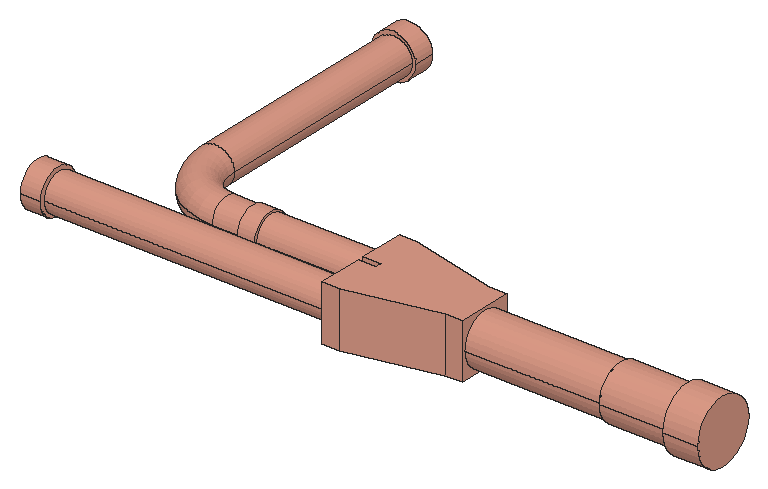
Revit family "outputfile", category 配管付属品, Revit 2024 (continued)
Definition of nested family "daikin_Multi Module kit_Reducer Offset3"
  Forms (mm)
    Extrusion 5, solid, material <- "material", visible <- "display_Pipe4"
      sketch origin (-161.334, 300.679, 0) x (0, 1, 0) y (0, 0, 1)
        loop
          circle (-335.679, 0) r 10.55
      from -190.166 to -178.666
  Dimensions and locks
    locked: plane 4 to plane 1 "Center (Front/Back)" at 35
    locked: plane 6 to plane 5 at 46
    locked: plane 7 to plane 6 at 24
    locked: plane 8 to plane 7 at 30
    locked: plane 9 to plane 8 at 11.5
    locked: plane 5 to plane 3 "Center (Left/Right)" at 240
    locked: plane 10 to plane 3 "Center (Left/Right)" at 310
    locked: plane 10 to plane 11 at 177
    locked: plane 12 to plane 3 "Center (Left/Right)" at 50
    "O.D_Pipe1": diameter of Extrusion 1 sketch curve
    "O.D_Pipe0": diameter of Sweep 2 sketch curve
    "O.D_Pipe2": diameter of Extrusion 3 sketch curve
    "O.D_Pipe3": diameter of Extrusion 4 sketch curve
    "O.D_Pipe4": diameter of Extrusion 5 sketch curve
    aligned and locked: level to plane 2
    aligned and locked: plane 2 to Sweep 2 sketch curve
    aligned and locked: plane 1 "Center (Front/Back)" to Sweep 2 sketch curve
    aligned and locked: plane 5 to Extrusion 1
    aligned and locked: Extrusion 1 to plane 6
    aligned and locked: plane 4 to Extrusion 5 sketch curve
    aligned and locked: plane 2 to Extrusion 5 sketch curve
    aligned and locked: plane 4 to Extrusion 1 sketch curve
    aligned and locked: plane 2 to Extrusion 1 sketch curve
    aligned and locked: plane 4 to Extrusion 3 sketch curve
    aligned and locked: plane 2 to Extrusion 3 sketch curve
    aligned and locked: plane 4 to Extrusion 4 sketch curve
    aligned and locked: plane 2 to Extrusion 4 sketch curve
    aligned and locked: plane 6 to Extrusion 3
    aligned and locked: Extrusion 3 to plane 7
    aligned and locked: plane 7 to Extrusion 4
    aligned and locked: Extrusion 4 to plane 8
    aligned and locked: plane 8 to Extrusion 5
    aligned and locked: Extrusion 5 to plane 9
    aligned and locked: plane 5 to Sweep 2 sketch curve
    aligned and locked: plane 3 "Center (Left/Right)" to Sweep 2 sketch curve
    aligned and locked: plane 4 to Sweep 2 sketch curve
    aligned and locked: plane 11 to Sweep 2 sketch curve
    aligned and locked: plane 12 to Sweep 2 sketch curve
  Automatic sketch dimensions
    plane 1 "Center (Front/Back)" to Sweep 2 sketch curve = 0.0 mm
    plane 1 "Center (Front/Back)" to Sweep 2 sketch curve = 5.188 mm
    Sweep 2 sketch curve to plane 1 "Center (Front/Back)" = 5.0 mm
Definition of nested family "daikin_MultiModeluKit_Insulation"
  Parameters (values of type "*")
    Default Elevation = 0.0 mm
    Model = ""
    material = none
    h [instance] = (I.D_Outlet PipeSize + 2.0 mm) + 30.0 mm  # 47.0 mm
    display [instance] = yes
    I.D_Outlet PipeSize [instance] = 15.0 mm
  Reference planes
    plane 1 "Center (Front/Back)": y = 0
    plane 2: z = 0
    plane 3 "Left": x = 0
    plane 4 "top": z = 23.5
    plane 5 "bottom": z = -23.5
    plane 6: x = 50
    plane 7: y = 31
    plane 8: y = -31
    plane 9: x = 40
    plane 10: x = -12
    plane 11: y = 34
    plane 12: y = -34
    plane 13: x = -73
    plane 14: y = 46
    plane 15: y = -46
    plane 16: x = -156
    plane 17: x = -271
    plane 18: y = 10
  Forms (mm)
    Extrusion 1, solid, material <- "material", visible <- "display"
      sketch origin (0, 0, 0) x (1, 0, 0) y (0, 1, 0)
        loop
          line (50, -31) -> (50, 31) -> (40, 31) -> (0, 34) -> (-12, 34) -> (-73, 46) -> (-156, 46) -> (-156, 10) -> (-271, 10) -> (-271, -46) -> (-73, -46) -> (-12, -34) -> (0, -34) -> (40, -31) -> (50, -31)
      from -23.5 to 23.5
  Dimensions and locks
    equal spacing: plane 4 "top", plane 2, plane 5 "bottom"
    "h": plane 4 "top" to plane 5 "bottom"
    locked: plane 3 "Left" to plane 6 at 50
    plane 7 to plane 1 "Center (Front/Back)" = 31.0 mm
    plane 8 to plane 1 "Center (Front/Back)" = 31.0 mm
    plane 3 "Left" to plane 9 = 40.0 mm
    plane 10 to plane 3 "Left" = 12.0 mm
    plane 11 to plane 1 "Center (Front/Back)" = 34.0 mm
    plane 12 to plane 1 "Center (Front/Back)" = 34.0 mm
    plane 13 to plane 3 "Left" = 73.0 mm
    plane 14 to plane 1 "Center (Front/Back)" = 46.0 mm
    plane 15 to plane 1 "Center (Front/Back)" = 46.0 mm
    plane 16 to plane 3 "Left" = 156.0 mm
    plane 17 to plane 3 "Left" = 271.0 mm
    plane 1 "Center (Front/Back)" to plane 18 = 10.0 mm
    aligned and locked: level to plane 2
    aligned and locked: Extrusion 1 to plane 5 "bottom"
    aligned and locked: plane 4 "top" to Extrusion 1
    aligned and locked: plane 7 to Extrusion 1 sketch curve
    aligned and locked: plane 8 to Extrusion 1 sketch curve
    aligned and locked: plane 9 to Extrusion 1 sketch curve  (x2)
    aligned and locked: plane 6 to Extrusion 1 sketch curve  (x2)
    aligned and locked: plane 3 "Left" to Extrusion 1 sketch curve  (x2)
    aligned and locked: plane 10 to Extrusion 1 sketch curve  (x2)
    aligned and locked: Extrusion 1 sketch curve to plane 12
    aligned and locked: Extrusion 1 sketch curve to plane 11
    aligned and locked: plane 16 to Extrusion 1 sketch curve  (x2)
    aligned and locked: plane 13 to Extrusion 1 sketch curve  (x2)
    aligned and locked: plane 14 to Extrusion 1 sketch curve  (x2)
    aligned and locked: plane 15 to Extrusion 1 sketch curve  (x2)
    aligned and locked: plane 17 to Extrusion 1 sketch curve  (x2)
    aligned and locked: plane 18 to Extrusion 1 sketch curve  (x2)
Definition of nested family "daikin_Pipe_reducer"
  Parameters (values of type "*")
    Default Elevation = 0.0 mm
    material = none
    length_Pipe [instance] = 250.0 mm
    display [instance] = yes
    O.D_Pipe2 [instance] = 19.1 mm
    O.D_Pipe1 [instance] = I.D_Pipe1 + 2.0 mm  # 24.2 mm
    I.D_Pipe2 [instance] = O.D_Pipe2 - 2.0 mm  # 17.1 mm
    I.D_Pipe1 [instance] = 22.2 mm
  Reference planes
    plane 1 "Center (Front/Back)": y = 0
    plane 2 "center(vertical)": z = 0
    plane 3 "Center (Left/Right)": x = 0
    plane 4 "connection": x = -125
    plane 5 "right": x = 113
    plane 6: x = 125
  Forms (mm)
    Extrusion 1, solid, material <- "material", visible <- "display"
      sketch origin (0, 0, 0) x (0, 1, 0) y (0, 0, 1)
        loop
          circle (0, 0) r 9.55
      from -125 to 113
    Extrusion 2, solid, material <- "material", visible <- "display"
      sketch origin (0, 0, 0) x (0, 1, 0) y (0, 0, 1)
        loop
          circle (0, 0) r 12.1
      from 113 to 125
  Dimensions and locks
    locked: plane 5 "right" to plane 6 at 12
    "length_Pipe": plane 4 "connection" to plane 6
    equal spacing: plane 4 "connection", plane 3 "Center (Left/Right)", plane 6
    "O.D_Pipe2": diameter of Extrusion 1 sketch curve
    "O.D_Pipe1": diameter of Extrusion 2 sketch curve
    aligned and locked: level to plane 2 "center(vertical)"
    aligned and locked: plane 2 "center(vertical)" to Extrusion 1 sketch curve
    aligned and locked: plane 1 "Center (Front/Back)" to Extrusion 1 sketch curve
    aligned and locked: plane 5 "right" to Extrusion 1
    aligned and locked: Extrusion 1 to plane 4 "connection"
    aligned and locked: plane 2 "center(vertical)" to Extrusion 2 sketch curve
    aligned and locked: plane 1 "Center (Front/Back)" to Extrusion 2 sketch curve
    aligned and locked: Extrusion 2 to plane 5 "right"
    aligned and locked: plane 6 to Extrusion 2
Definition of nested family "daikin_connector_rotate3"
  Parameters (values of type "daikin_connector_rotate3")
    Default Elevation = 1219.2 mm
    show_face = no
    show_circle = no
    radius [instance] = 10.0 mm
    length [instance] = 600.0 mm
    angle_horizontal [instance] = 60.00°
    angle_vertical [instance] = 90.00°
  Reference planes
    plane 1 "Center (Front/Back)": y = 0
    plane 2: z = 0
    plane 3 "Center (Left/Right)": x = 0
  Dimensions and locks
    "angle_horizontal": angle plane 3 "Center (Left/Right)" to nested 1
    aligned and locked: level to plane 2
    aligned and locked: plane 1 "Center (Front/Back)" to nested 1  (x2)
    aligned and locked: plane 3 "Center (Left/Right)" to nested 1
  Nested families
    nested 1: "daikin_connector_rotate2" at (0, 0, 0) x (0.5, 0.866, 0) z (0, 0, 1), angle_vertical <- "angle_vertical", length <- "length", radius <- "radius", type "daikin_connector_rotate2"
      with radius 10.0 mm, length 600.0 mm, angle_vertical 90.00°, Default Elevation 0.0 mm, show_circle no
  Definition of nested family "daikin_connector_rotate2"
    Parameters (values of type "daikin_connector_rotate2")
      Default Elevation = 1219.2 mm
      show_face = no
      show_circle = yes
      radius [instance] = 10.0 mm
      length [instance] = 600.0 mm
      d_surface = 10.0 mm
      angle_vertical [instance] = 90.00°
    Reference planes
      plane 1 "Center (Front/Back)": y = 0
      plane 2: z = 0
      plane 3 "Center (Left/Right)": x = 0
    Forms (mm)
      Extrusion 1, solid, visible <- "show_face"
        sketch origin (0, -600, 0) x (1, 0, 0) y (0, 0, 1)
          loop
            circle (0, 0) r 10
        from 0 to -10
    Lines and regions (mm)
      reference lines
        curve 1: line (0, 0, 0) -> (0, -600, 0)
      symbolic lines, visible <- "show_circle"
        curve 2: circle (0, 0, 0) r 5 normal (0, 0, 1)
      model lines, visible <- "show_face"
        curve 3: line (0, 0, 0) -> (0, -600, 0)
    Dimensions and locks
      "length": curve 1 to curve 1
      "length": curve 3 to curve 3
      "d_surface": Extrusion 1 to Extrusion 1
      "radius": radius of Extrusion 1 sketch curve
      "angle_vertical": angle curve 1 to plane 1 "Center (Front/Back)"
      "angle_vertical": angle curve 3 to plane 1 "Center (Front/Back)"
      aligned and locked: level to plane 2
      aligned and locked: plane 1 "Center (Front/Back)" to curve 1
      aligned and locked: plane 2 to curve 1
      aligned and locked: plane 1 "Center (Front/Back)" to curve 2
      aligned and locked: plane 3 "Center (Left/Right)" to curve 2
      aligned and locked: plane 1 "Center (Front/Back)" to curve 3
      aligned and locked: plane 2 to curve 3
      aligned and locked: Extrusion 1 to Extrusion 1
    Automatic sketch dimensions
      Extrusion 1 sketch curve to level = 0.0 mm
      Extrusion 1 sketch curve to plane 3 "Center (Left/Right)" = 0.0 mm
      radius of curve 2 = 5.0 mm
